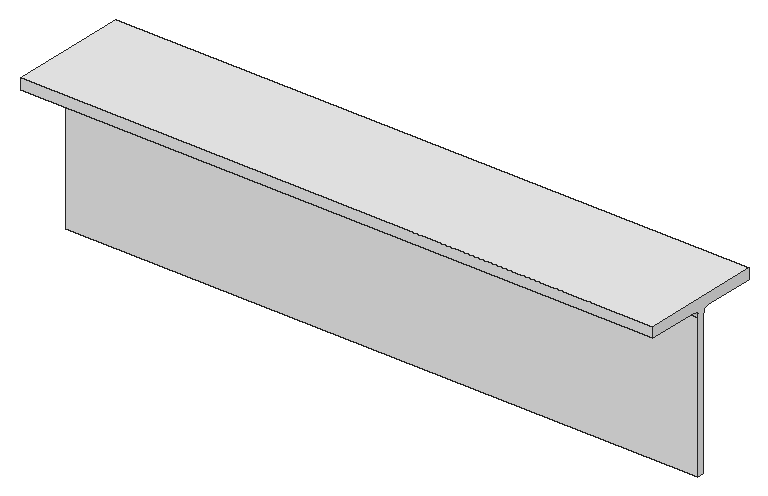
Revit family "Steel Framing_Tee-JIS", category Structural Framing, Revit 2023
Family settings
  Structural Framing Length Roundoff = 0.10 mm
  Section Shape = I-split Parallel Flange
  Material for Model Behavior = Steel
  Always export as geometry = No
  Code Name = AISC 14.1
  OmniClass Number = 23.25.30.11.14.14
  OmniClass Title = Beams
  Always vertical = Yes
  Cut with Voids When Loaded = No
  Symbolic Representation = From Project Settings
  Shared = No
  Show family pre-cut in plan views = Yes
Parameters (values of type "WT305X62.5")
  Width = 229.00 mm
  Web Thickness = 11.90 mm
  Web Fillet = 12.70 mm
  Warping Constant = (empty or 0)
  Torsional Moment of Inertia = 0.00 mm⁴
  Structural Material [instance] = Steel, 45-345
  Section Name Key = ""
  Section Area = 8000.0 mm²
  Plastic Modulus weak axis = 0.0 mm³
  Plastic Modulus strong axis = 0.0 mm³
  Perimeter = (empty or 0)
  Nominal Weight = 62.4998 kgf/m
  Moment of Inertia weak axis = 0.00 mm⁴
  Moment of Inertia strong axis = 0.00 mm⁴
  Height = 307.00 mm
  Flange Thickness = 19.60 mm
  Elastic Modulus weak axis = 0.0 mm³
  Elastic Modulus strong axis = 0.0 mm³
  Centroid Vertical = 231.60 mm
  Centroid Horizontal = Width / 2  # 114.50 mm
  Bolt Spacing = 0.00 mm
  Assembly Code = ""
  Length [instance] = 1500.00 mm
Types (2, lengths in mm): name | Width | Web Thickness | Web Fillet | Warping Constant | Torsional Moment of Inertia | Section Area | Plastic Modulus weak axis | Plastic Modulus strong axis | Nominal Weight | Moment of Inertia weak axis | Moment of Inertia strong axis | Height | Flange Thickness | Elastic Modulus weak axis | Elastic Modulus strong axis | Centroid Vertical | Centroid Horizontal | Bolt Spacing
  WT305X62.5 | 229.00 | 11.90 | 12.70 | (empty or 0) | 0.00 mm⁴ | 8000.0 mm² | 0.0 mm³ | 0.0 mm³ | 62.4998 kgf/m | 0.00 mm⁴ | 0.00 mm⁴ | 307.00 | 19.60 | 0.0 mm³ | 0.0 mm³ | 231.60 | 114.50 | 0.00
  WT460X119 | 305.00 | 16.50 | 19.10 | 0.000017959 (stored number, unit not read) | 2570000.00 mm⁴ | 15200.0 mm² | 633000.0 mm³ | 1640000.0 mm³ | 119.00 kgf/m | 61200000.00 mm⁴ | 308000000.00 mm⁴ | 457.00 | 25.90 | 403000.0 mm³ | 914000.0 mm³ | 337.00 | 152.50 | 139.70
Reference planes
  plane 1 "Center (Front/Back)": y = 0
  plane 2: z = 0
  plane 3 "Center (Left/Right)": x = 4.61
  plane 4 "Member Left": x = -604.99
  plane 5 "Member Right": x = 614.21
  plane 6: y = 114.5
  plane 7: y = -114.5
  plane 8 "Left": x = -757.39
  plane 9 "Right": x = 742.61
  plane 10: z = 75.4
  plane 11: z = -231.6
Forms (mm)
  Sweep 1, solid, material "Steel, 45-345" <- "Structural Material", detail levels medium
    path origin (0, 0, 0) x (1, 0, 0) y (0, 1, 0)
      loop
        line (614.21, 0) -> (-604.99, 0)
    profile "M_Structural Tee-Profile-Medium : M_Structural Tee-Profile-Medium" origin (4.61, 0, 0) x (0, -1, 0) y (0, 0, 1)
      loop
        line (-114.5, 75.4) -> (-114.5, 55.8) -> (-5.95, 55.8) -> (-5.95, -231.6) -> (5.95, -231.6) -> (5.95, 55.8) -> (114.5, 55.8) -> (114.5, 75.4) -> (-114.5, 75.4)
  Sweep 2, solid, material "Steel, 45-345" <- "Structural Material", detail levels fine
    path origin (0, 0, 0) x (1, 0, 0) y (0, 1, 0)
      loop
        line (614.21, 0) -> (-604.99, 0)
    profile "M_Structural Tee-Profile-Fine : M_Structural Tee-Profile-Fine" origin (4.61, 0, 0) x (0, -1, 0) y (0, 0, 1)
      loop
        line (-114.5, 75.4) -> (-114.5, 55.8) -> (-18.65, 55.8)
        arc (-18.65, 55.8) -> (-9.67, 52.08) -> (-5.95, 43.1) r 12.7
        line (-5.95, 43.1) -> (-5.95, -231.6) -> (5.95, -231.6) -> (5.95, 43.1)
        arc (5.95, 43.1) -> (9.67, 52.08) -> (18.65, 55.8) r 12.7
        line (18.65, 55.8) -> (114.5, 55.8) -> (114.5, 75.4) -> (-114.5, 75.4)
Lines and regions (mm)
  symbolic lines, style "Hidden Faces", detail levels medium+fine
    curve 1: line (614.21, -5.95, 0) -> (-604.99, -5.95, 0)
    curve 2: line (614.21, 5.95, 0) -> (-604.99, 5.95, 0)
  symbolic lines, style "Stick Symbols", detail levels coarse
    curve 3: line (4.61, 114.5, 75.4) -> (4.61, -114.5, 75.4)
    curve 4: line (4.61, 0, 75.4) -> (4.61, 0, -231.6)
Dimensions and locks
  "Width": plane 6 to plane 7
  equal spacing: plane 6, plane 1 "Center (Front/Back)", plane 7
  "Length": plane 8 "Left" to plane 9 "Right"
  "Height": plane 10 to plane 11
  "Centroid Vertical": level to plane 11
  equal spacing: curve 2, plane 1 "Center (Front/Back)", curve 1
  "Web Thickness": curve 2 to curve 1
  aligned and locked: Sweep 1 sketch curve to plane 1 "Center (Front/Back)"
  aligned and locked: Sweep 2 sketch curve to plane 1 "Center (Front/Back)"
  aligned and locked: Sweep 2 to curve 3  (x2)
  aligned and locked: curve 4 to Sweep 1
  aligned and locked: curve 3 to Sweep 2
  aligned and locked: plane 4 "Member Left" to Sweep 2 sketch curve
  aligned and locked: plane 5 "Member Right" to Sweep 2 sketch curve
  aligned and locked: plane 4 "Member Left" to Sweep 1 sketch curve
  aligned and locked: plane 5 "Member Right" to Sweep 1 sketch curve
  aligned and locked: plane 4 "Member Left" to curve 2
  aligned and locked: plane 4 "Member Left" to curve 1
  aligned and locked: plane 5 "Member Right" to curve 1
  aligned and locked: plane 5 "Member Right" to curve 2
  aligned and locked: curve 4 to plane 1 "Center (Front/Back)"
  aligned and locked: plane 10 to curve 4
Types in the file's own list only (71): name | Width | Web Thickness | Web Fillet | Warping Constant | Section Area | Perimeter | Nominal Weight | Height | Flange Thickness | Centroid Vertical | Centroid Horizontal
  H_SB_ASB_CT-50x100x6x8 | 100.00 mm | 6.00 mm | 10.00 mm | 0.0 mm⁶ | 1095.0 mm² | 0.00 m²/m | 8.60 kgf/m | 50.00 mm | 8.00 mm | 25.00 mm | 50.00 mm
  H_SB_ASB_CT-62.5x125x6.5x9 | 125.00 mm | 6.50 mm | 10.00 mm | 0.0 mm⁶ | 1516.0 mm² | 0.00 m²/m | 11.90 kgf/m | 62.50 mm | 9.00 mm | 31.25 mm | 62.50 mm
  H_SB_ASB_CT-75x75x5x7 | 75.00 mm | 5.00 mm | 8.00 mm | 0.0 mm⁶ | 892.5 mm² | 0.00 m²/m | 7.01 kgf/m | 75.00 mm | 7.00 mm | 37.50 mm | 37.50 mm
  H_SB_ASB_CT-75x100x6x9 | 100.00 mm | 6.00 mm | 11.00 mm | 0.0 mm⁶ | 1342.0 mm² | 0.00 m²/m | 10.50 kgf/m | 75.00 mm | 9.00 mm | 37.50 mm | 50.00 mm
  H_SB_ASB_CT-75x150x7x10 | 150.00 mm | 7.00 mm | 11.00 mm | 0.0 mm⁶ | 2007.0 mm² | 0.00 m²/m | 15.80 kgf/m | 75.00 mm | 10.00 mm | 37.50 mm | 75.00 mm
  H_SB_ASB_CT-100x100x5.5x8 | 100.00 mm | 5.50 mm | 11.00 mm | 0.0 mm⁶ | 1358.0 mm² | 0.00 m²/m | 10.70 kgf/m | 100.00 mm | 8.00 mm | 50.00 mm | 50.00 mm
  H_SB_ASB_CT-97x150x6x9 | 150.00 mm | 6.00 mm | 13.00 mm | 0.0 mm⁶ | 1951.0 mm² | 0.00 m²/m | 15.30 kgf/m | 97.00 mm | 9.00 mm | 48.50 mm | 75.00 mm
  H_SB_ASB_CT-100x200x8x12 | 200.00 mm | 8.00 mm | 13.00 mm | 0.0 mm⁶ | 3177.0 mm² | 0.00 m²/m | 24.90 kgf/m | 100.00 mm | 12.00 mm | 50.00 mm | 100.00 mm
  H_SB_ASB_CT-100x204x12x12 | 204.00 mm | 12.00 mm | 13.00 mm | 0.0 mm⁶ | 3577.0 mm² | 0.00 m²/m | 28.10 kgf/m | 100.00 mm | 12.00 mm | 50.00 mm | 102.00 mm
  H_SB_ASB_CT-104x202x10x16 | 202.00 mm | 10.00 mm | 13.00 mm | 0.0 mm⁶ | 4185.0 mm² | 0.00 m²/m | 32.80 kgf/m | 104.00 mm | 16.00 mm | 52.00 mm | 101.00 mm
  H_SB_ASB_CT-124x124x5x8 | 124.00 mm | 5.00 mm | 12.00 mm | 0.0 mm⁶ | 1634.0 mm² | 0.00 m²/m | 12.80 kgf/m | 124.00 mm | 8.00 mm | 62.00 mm | 62.00 mm
  H_SB_ASB_CT-125x125x6x9 | 125.00 mm | 6.00 mm | 12.00 mm | 0.0 mm⁶ | 1883.0 mm² | 0.00 m²/m | 12.80 kgf/m | 125.00 mm | 9.00 mm | 62.50 mm | 62.50 mm
  H_SB_ASB_CT-122x175x7x11 | 175.00 mm | 7.00 mm | 16.00 mm | 0.0 mm⁶ | 2812.0 mm² | 0.00 m²/m | 22.10 kgf/m | 122.00 mm | 11.00 mm | 61.00 mm | 87.50 mm
  H_SB_ASB_CT-122x252x11x11 | 252.00 mm | 11.00 mm | 16.00 mm | 0.0 mm⁶ | 4103.0 mm² | 0.00 m²/m | 32.20 kgf/m | 122.00 mm | 11.00 mm | 61.00 mm | 126.00 mm
  H_SB_ASB_CT-124x249x8x13 | 249.00 mm | 8.00 mm | 16.00 mm | 0.0 mm⁶ | 4235.0 mm² | 0.00 m²/m | 33.20 kgf/m | 124.00 mm | 13.00 mm | 62.00 mm | 124.50 mm
  H_SB_ASB_CT-125x250x9x14 | 250.00 mm | 9.00 mm | 16.00 mm | 0.0 mm⁶ | 4606.0 mm² | 0.00 m²/m | 36.20 kgf/m | 125.00 mm | 14.00 mm | 62.50 mm | 125.00 mm
  H_SB_ASB_CT-125x255x14x14 | 255.00 mm | 14.00 mm | 16.00 mm | 0.0 mm⁶ | 5234.0 mm² | 0.00 m²/m | 41.10 kgf/m | 125.00 mm | 14.00 mm | 62.50 mm | 127.50 mm
  H_SB_ASB_CT-149x149x5.5x8 | 149.00 mm | 5.50 mm | 13.00 mm | 0.0 mm⁶ | 2040.0 mm² | 0.00 m²/m | 16.00 kgf/m | 149.00 mm | 8.00 mm | 74.50 mm | 74.50 mm
  H_SB_ASB_CT-150x150x6.5x9 | 150.00 mm | 6.50 mm | 13.00 mm | 0.0 mm⁶ | 2339.0 mm² | 0.00 m²/m | 18.40 kgf/m | 150.00 mm | 9.00 mm | 75.00 mm | 75.00 mm
  H_SB_ASB_CT-147x200x8x12 | 200.00 mm | 8.00 mm | 18.00 mm | 0.0 mm⁶ | 3619.0 mm² | 0.00 m²/m | 28.40 kgf/m | 147.00 mm | 12.00 mm | 73.50 mm | 100.00 mm
  H_SB_ASB_CT-149x201x9x14 | 201.00 mm | 9.00 mm | 18.00 mm | 0.0 mm⁶ | 4168.0 mm² | 0.00 m²/m | 32.70 kgf/m | 149.00 mm | 14.00 mm | 74.50 mm | 100.50 mm
  H_SB_ASB_CT-147x302x12x12 | 302.00 mm | 12.00 mm | 18.00 mm | 0.0 mm⁶ | 5383.0 mm² | 0.00 m²/m | 42.30 kgf/m | 147.00 mm | 12.00 mm | 73.50 mm | 151.00 mm
  H_SB_ASB_CT-149x299x9x14 | 299.00 mm | 9.00 mm | 18.00 mm | 0.0 mm⁶ | 5540.0 mm² | 0.00 m²/m | 43.50 kgf/m | 149.00 mm | 14.00 mm | 74.50 mm | 149.50 mm
  H_SB_ASB_CT-150x300x10x15 | 300.00 mm | 10.00 mm | 18.00 mm | 0.0 mm⁶ | 5989.0 mm² | 0.00 m²/m | 47.00 kgf/m | 150.00 mm | 15.00 mm | 75.00 mm | 150.00 mm
  H_SB_ASB_CT-150x305x15x15 | 305.00 mm | 15.00 mm | 18.00 mm | 0.0 mm⁶ | 6739.0 mm² | 0.00 m²/m | 52.90 kgf/m | 150.00 mm | 15.00 mm | 75.00 mm | 152.50 mm
  H_SB_ASB_CT-152x301x11x17 | 301.00 mm | 11.00 mm | 18.00 mm | 0.0 mm⁶ | 6741.0 mm² | 0.00 m²/m | 52.90 kgf/m | 152.00 mm | 17.00 mm | 76.00 mm | 150.50 mm
  H_SB_ASB_CT-173x174x6x9 | 174.00 mm | 6.00 mm | 14.00 mm | 0.0 mm⁶ | 2634.0 mm² | 0.00 m²/m | 20.70 kgf/m | 173.00 mm | 9.00 mm | 86.50 mm | 87.00 mm
  H_SB_ASB_CT-175x175x7x11 | 175.00 mm | 7.00 mm | 14.00 mm | 0.0 mm⁶ | 3157.0 mm² | 0.00 m²/m | 24.80 kgf/m | 175.00 mm | 11.00 mm | 87.50 mm | 87.50 mm
  H_SB_ASB_CT-168x249x8x12 | 249.00 mm | 8.00 mm | 20.00 mm | 0.0 mm⁶ | 4408.0 mm² | 0.00 m²/m | 34.60 kgf/m | 168.00 mm | 12.00 mm | 84.00 mm | 124.50 mm
  H_SB_ASB_CT-170x250x9x14 | 250.00 mm | 9.00 mm | 20.00 mm | 0.0 mm⁶ | 5076.0 mm² | 0.00 m²/m | 39.80 kgf/m | 170.00 mm | 14.00 mm | 85.00 mm | 125.00 mm
  H_SB_ASB_CT-172x348x10x16 | 348.00 mm | 10.00 mm | 20.00 mm | 0.0 mm⁶ | 7300.0 mm² | 0.00 m²/m | 57.30 kgf/m | 172.00 mm | 16.00 mm | 86.00 mm | 174.00 mm
  H_SB_ASB_CT-172x354x16x16 | 354.00 mm | 16.00 mm | 20.00 mm | 0.0 mm⁶ | 8332.0 mm² | 0.00 m²/m | 65.40 kgf/m | 172.00 mm | 16.00 mm | 86.00 mm | 177.00 mm
  H_SB_ASB_CT-175x350x12x19 | 350.00 mm | 12.00 mm | 20.00 mm | 0.0 mm⁶ | 8694.0 mm² | 0.00 m²/m | 68.20 kgf/m | 175.00 mm | 19.00 mm | 87.50 mm | 175.00 mm
  H_SB_ASB_CT-175x357x19x19 | 357.00 mm | 19.00 mm | 20.00 mm | 0.0 mm⁶ | 9919.0 mm² | 0.00 m²/m | 77.90 kgf/m | 175.00 mm | 19.00 mm | 87.50 mm | 178.50 mm
  H_SB_ASB_CT-169x351x13x13 | 351.00 mm | 13.00 mm | 20.00 mm | 0.0 mm⁶ | 6763.0 mm² | 0.00 m²/m | 53.10 kgf/m | 169.00 mm | 13.00 mm | 84.50 mm | 175.50 mm
  H_SB_ASB_CT-198x199x7x11 | 199.00 mm | 7.00 mm | 16.00 mm | 0.0 mm⁶ | 3608.0 mm² | 0.00 m²/m | 28.30 kgf/m | 198.00 mm | 11.00 mm | 99.00 mm | 99.50 mm
  H_SB_ASB_CT-200x200x8x13 | 200.00 mm | 8.00 mm | 16.00 mm | 0.0 mm⁶ | 4206.0 mm² | 0.00 m²/m | 33.00 kgf/m | 200.00 mm | 13.00 mm | 100.00 mm | 100.00 mm
  H_SB_ASB_CT-193x299x9x14 | 299.00 mm | 9.00 mm | 22.00 mm | 0.0 mm⁶ | 6005.0 mm² | 0.00 m²/m | 47.10 kgf/m | 193.00 mm | 14.00 mm | 96.50 mm | 149.50 mm
  H_SB_ASB_CT-195x300x10x16 | 300.00 mm | 10.00 mm | 22.00 mm | 0.0 mm⁶ | 6798.0 mm² | 0.00 m²/m | 53.40 kgf/m | 195.00 mm | 16.00 mm | 97.50 mm | 150.00 mm
  H_SB_ASB_CT-194x402x15x15 | 402.00 mm | 15.00 mm | 22.00 mm | 0.0 mm⁶ | 8923.0 mm² | 0.00 m²/m | 70.00 kgf/m | 194.00 mm | 15.00 mm | 97.00 mm | 201.00 mm
  H_SB_ASB_CT-197x398x11x18 | 398.00 mm | 11.00 mm | 22.00 mm | 0.0 mm⁶ | 9341.0 mm² | 0.00 m²/m | 73.30 kgf/m | 197.00 mm | 18.00 mm | 98.50 mm | 199.00 mm
  H_SB_ASB_CT-197x405x18x18 | 405.00 mm | 18.00 mm | 22.00 mm | 0.0 mm⁶ | 10720.0 mm² | 0.00 m²/m | 84.10 kgf/m | 197.00 mm | 18.00 mm | 98.50 mm | 202.50 mm
  H_SB_ASB_CT-200x400x13x21 | 400.00 mm | 13.00 mm | 22.00 mm | 0.0 mm⁶ | 10930.0 mm² | 0.00 m²/m | 85.80 kgf/m | 200.00 mm | 21.00 mm | 100.00 mm | 200.00 mm
  H_SB_ASB_CT-200x408x21x21 | 408.00 mm | 21.00 mm | 22.00 mm | 0.0 mm⁶ | 12530.0 mm² | 0.00 m²/m | 98.40 kgf/m | 200.00 mm | 21.00 mm | 100.00 mm | 204.00 mm
  H_SB_ASB_CT-203x403x16x24 | 403.00 mm | 16.00 mm | 22.00 mm | 0.0 mm⁶ | 12740.0 mm² | 0.00 m²/m | 100.00 kgf/m | 203.00 mm | 24.00 mm | 101.50 mm | 201.50 mm
  H_SB_ASB_CT-207x405x18x28 | 405.00 mm | 18.00 mm | 22.00 mm | 0.0 mm⁶ | 14770.0 mm² | 0.00 m²/m | 116.00 kgf/m | 207.00 mm | 28.00 mm | 103.50 mm | 202.50 mm
  H_SB_ASB_CT-214x407x20x35 | 407.00 mm | 20.00 mm | 22.00 mm | 0.0 mm⁶ | 18030.0 mm² | 0.00 m²/m | 142.00 kgf/m | 214.00 mm | 35.00 mm | 107.00 mm | 203.50 mm
  H_SB_ASB_CT-229x417x30x50 | 417.00 mm | 30.00 mm | 22.00 mm | 0.0 mm⁶ | 26430.0 mm² | 0.00 m²/m | 207.00 kgf/m | 229.00 mm | 50.00 mm | 114.50 mm | 208.50 mm
  H_SB_ASB_CT-249x432x45x70 | 432.00 mm | 45.00 mm | 22.00 mm | 0.0 mm⁶ | 38500.0 mm² | 0.00 m²/m | 302.00 kgf/m | 249.00 mm | 70.00 mm | 124.50 mm | 216.00 mm
  H_SB_ASB_CT-223x199x8x12 | 199.00 mm | 8.00 mm | 18.00 mm | 0.0 mm⁶ | 4215.0 mm² | 0.00 m²/m | 33.10 kgf/m | 223.00 mm | 12.00 mm | 111.50 mm | 99.50 mm
  H_SB_ASB_CT-225x200x9x14 | 200.00 mm | 9.00 mm | 18.00 mm | 0.0 mm⁶ | 4338.0 mm² | 0.00 m²/m | 38.00 kgf/m | 225.00 mm | 14.00 mm | 112.50 mm | 100.00 mm
  H_SB_ASB_CT-217x299x10x15 | 299.00 mm | 10.00 mm | 24.00 mm | 0.0 mm⁶ | 6752.0 mm² | 0.00 m²/m | 53.00 kgf/m | 217.00 mm | 15.00 mm | 108.50 mm | 149.50 mm
  H_SB_ASB_CT-220x300x11x18 | 300.00 mm | 11.00 mm | 24.00 mm | 0.0 mm⁶ | 7869.0 mm² | 0.00 m²/m | 61.80 kgf/m | 220.00 mm | 18.00 mm | 110.00 mm | 150.00 mm
  H_SB_ASB_CT-248x199x9x14 | 199.00 mm | 9.00 mm | 20.00 mm | 0.0 mm⁶ | 5064.0 mm² | 0.00 m²/m | 39.70 kgf/m | 248.00 mm | 14.00 mm | 124.00 mm | 99.50 mm
  H_SB_ASB_CT-250x200x10x16 | 200.00 mm | 10.00 mm | 20.00 mm | 0.0 mm⁶ | 5712.0 mm² | 0.00 m²/m | 44.80 kgf/m | 250.00 mm | 16.00 mm | 125.00 mm | 100.00 mm
  H_SB_ASB_CT-253x201x11x19 | 201.00 mm | 11.00 mm | 20.00 mm | 0.0 mm⁶ | 6565.0 mm² | 0.00 m²/m | 51.50 kgf/m | 253.00 mm | 19.00 mm | 126.50 mm | 100.50 mm
  H_SB_ASB_CT-241x300x11x15 | 300.00 mm | 11.00 mm | 26.00 mm | 0.0 mm⁶ | 7276.0 mm² | 0.00 m²/m | 57.10 kgf/m | 241.00 mm | 15.00 mm | 120.50 mm | 150.00 mm
  H_SB_ASB_CT-244x300x11x18 | 300.00 mm | 11.00 mm | 26.00 mm | 0.0 mm⁶ | 8176.0 mm² | 0.00 m²/m | 64.20 kgf/m | 244.00 mm | 18.00 mm | 122.00 mm | 150.00 mm
  H_SB_ASB_CT-298x199x10x15 | 199.00 mm | 10.00 mm | 22.00 mm | 0.0 mm⁶ | 6023.0 mm² | 0.00 m²/m | 47.30 kgf/m | 298.00 mm | 15.00 mm | 149.00 mm | 99.50 mm
  H_SB_ASB_CT-300x200x11x17 | 200.00 mm | 11.00 mm | 22.00 mm | 0.0 mm⁶ | 6721.0 mm² | 0.00 m²/m | 52.80 kgf/m | 300.00 mm | 17.00 mm | 150.00 mm | 100.00 mm
  H_SB_ASB_CT-303x201x12x20 | 201.00 mm | 12.00 mm | 22.00 mm | 0.0 mm⁶ | 7624.0 mm² | 0.00 m²/m | 59.80 kgf/m | 303.00 mm | 20.00 mm | 151.50 mm | 100.50 mm
  H_SB_ASB_CT-306x202x13x23 | 202.00 mm | 13.00 mm | 22.00 mm | 0.0 mm⁶ | 8533.0 mm² | 0.00 m²/m | 67.00 kgf/m | 306.00 mm | 23.00 mm | 153.00 mm | 101.00 mm
  H_SB_ASB_CT-291x300x12x17 | 300.00 mm | 12.00 mm | 28.00 mm | 0.0 mm⁶ | 8724.0 mm² | 0.00 m²/m | 68.00 kgf/m | 291.00 mm | 17.00 mm | 145.50 mm | 150.00 mm
  H_SB_ASB_CT-294x300x12x20 | 300.00 mm | 12.00 mm | 28.00 mm | 0.0 mm⁶ | 9624.0 mm² | 0.00 m²/m | 75.60 kgf/m | 294.00 mm | 20.00 mm | 147.00 mm | 150.00 mm
  H_SB_ASB_CT-297x302x14x23 | 302.00 mm | 14.00 mm | 28.00 mm | 0.0 mm⁶ | 11120.0 mm² | 0.00 m²/m | 87.30 kgf/m | 297.00 mm | 23.00 mm | 148.50 mm | 151.00 mm
  H_SB_ASB_CT-346x300x13x20 | 300.00 mm | 13.00 mm | 28.00 mm | 0.0 mm⁶ | 10570.0 mm² | 0.00 m²/m | 83.00 kgf/m | 346.00 mm | 20.00 mm | 173.00 mm | 150.00 mm
  H_SB_ASB_CT-350x300x13x24 | 300.00 mm | 13.00 mm | 28.00 mm | 0.0 mm⁶ | 11770.0 mm² | 0.00 m²/m | 92.40 kgf/m | 350.00 mm | 24.00 mm | 175.00 mm | 150.00 mm
  H_SB_ASB_CT-354x302x15x28 | 302.00 mm | 15.00 mm | 28.00 mm | 0.0 mm⁶ | 13680.0 mm² | 0.00 m²/m | 107.00 kgf/m | 354.00 mm | 28.00 mm | 177.00 mm | 151.00 mm
  H_SB_ASB_CT-396x300x14x22 | 300.00 mm | 14.00 mm | 28.00 mm | 0.0 mm⁶ | 12170.0 mm² | 0.00 m²/m | 95.60 kgf/m | 396.00 mm | 22.00 mm | 198.00 mm | 150.00 mm
  H_SB_ASB_CT-400x300x14x26 | 300.00 mm | 14.00 mm | 28.00 mm | 0.0 mm⁶ | 13370.0 mm² | 0.00 m²/m | 105.00 kgf/m | 400.00 mm | 26.00 mm | 200.00 mm | 150.00 mm
  H_SB_ASB_CT-404x302x16x30 | 302.00 mm | 16.00 mm | 28.00 mm | 0.0 mm⁶ | 15380.0 mm² | 0.00 m²/m | 121.00 kgf/m | 404.00 mm | 30.00 mm | 202.00 mm | 151.00 mm
